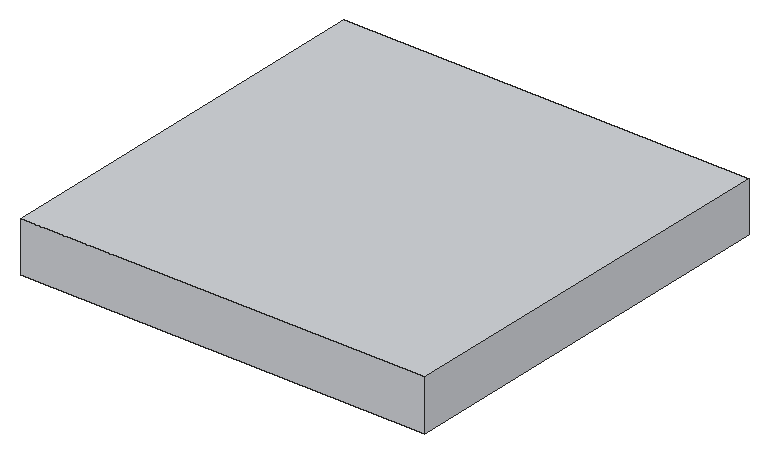
Revit family "Sanitary_Dispensers_DELABIE_512066BK-Wall-mounted-electronic-liquid postraitement", category Appareils sanitaires, Revit 2018
Family settings
  Hôte = Face
  Cote de connecteur circulaire = Utiliser le diamètre
  Type d'élément = Normal
  Couper avec des vides une fois chargée = Non
  Partagée = Non
  Point de calcul de pièce = Non
Parameters
  Default Elevation = 1219.2 mm
Reference planes
  plane 1 "Centre (avant/arrière)": y = 0
  plane 2: z = 0
  plane 3 "Centre (gauche/droite)": x = 0
Forms (mm)
  Extrusion 1, solid
    sketch origin (0, 0, 0) x (1, 0, 0) y (0, 1, 0)
      loop
        line (-1219.2, 1219.2) -> (-1219.2, -1219.2) -> (1219.2, -1219.2) -> (1219.2, 1219.2) -> (-1219.2, 1219.2)
    from 0 to -304.8
Dimensions and locks
  aligned and locked: plane 2 to Extrusion 1
  aligned and locked: level to Extrusion 1
Nested families
  nested 1: "Sanitary_Dispensers_DELABIE_512066BK-Wall-mounted-electronic-liquid" at (0, 0, 0), type "Default"
Definition of nested family "Sanitary_Dispensers_DELABIE_512066BK-Wall-mounted-electronic-liquid"
  Parameters (values of type "Default")
    Youtube clip = ""
    Uniformat II Description = ""
    Uniformat II Code = ""
    Uniclass 2015 Name = "Sanitary fittings and accessories"
    Uniclass 2015 Code = "Pr_40_20"
    Uniclass 2.0 Description = "Soap Dispensers"
    Uniclass 2.0 Code = "PR-35-76-80"
    Uniclass 1.4 Description = "Soap holders/dispensers"
    Uniclass 1.4 Code = "L8246"
    UNSPSC Code = "301815"
    Technical description = "https://www.delabie.com/products/512066bk"
    Region South America = "AR, BO, BR, CL, CO, EC, FK, GF, GY, PE, PY, SR, UY, VE"
    Region Oceania = "AU, FJ, NC, NZ, PG, SB, TL, VU"
    Region North America = "BS, BZ, CA, CR, CU, DO, GL, GT, HN, HT, JM, MX, NI, PA, PR, SV, TT, US"
    Region Middle East = "AE, AF, EG, IL, IQ, IR, JO, KW, LB, OM, PS, QA, SA, SY, TR, YE"
    Region Europe = "AL, AT, BA, BE, BG, BY, CH, CY, CZ, DE, DK, EE, ES, FI, FR, GB, GR, HR, HU, IE, IS, IT, LT, LU, LV, MD, ME, MK, NL, NO, PL, PT, RO, RS, RU, SE, SI, SJ, SK, UA"
    Region Asia = "AM, AZ, BD, BN, BT, CN, GE, ID, IN, JP, KG, KH, KP, KR, KZ, LA, LK, MM, MN, MY, NP, PH, PK, TH, TJ, TM, TW, UZ, VN"
    Region Antarctica = "TF"
    Region Africa = "AO, BF, BI, BJ, BW, CD, CF, CG, CI, CM, DJ, DZ, EH, ER, ET, GA, GH, GM, GN, GQ, GW, KE, LR, LS, LY, MA, MG, ML, MR, MW, MZ, NA, NE, NG, RW, SD, SL, SN, SO, SS, SZ, TD, TG, TN, TZ, UG, ZA, ZM, ZW"
    QR code = "http://bimobject.com/delabie/product/512066BK"
    Product url = "https://www.delabie.com/products/512066bk"
    Product name = "512066BK Wall-mounted electronic liquid soap dispenser"
    Product group = "Accessories"
    Product family = "Sanitary"
    Product data url = "https://bimobject.com/delabie/product/512066BK"
    Product certification = "https://www.delabie.com/products/512066bk"
    Product SKU = "512066BK"
    Product Guid = "3d0e1cb7-bf67-4678-ad47-6918e709f7f9"
    OmniClass Description = "Hand Soap Dispensers"
    OmniClass Code = "23-31 25 29 13"
    NBS Reference Description = "Soap Dispensers"
    NBS Reference Code = "35-76-80"
    Material secondary = ""
    Material main = "Stainless steel"
    Masterformat 2014 Description = ""
    Masterformat 2014 Code = ""
    Manufacturer name = "DELABIE"
    Manufacturer country = ""
    Installation instructions = "https://www.delabie.com/products/512066bk"
    IFC Classification = "Furnishing Element"
    GTIN code = "https://3456330188098"
    Edition number = 1
    Design country = "France"
    Date of publishing = ""
    COBIe Type Category = ""
    Brand url = "http://www.delabie.com"
    BOS_1_Visibility = yes
    BOS_1_Material = none
    BOS_0_Visibility = yes
    BOS_0_Material = none
    BIMobject main category code = "sanitary"
    BIMobject main category = "Sanitary"
    BIMobject category code = "sanitary-dispensers"
    BIMobject category = "Dispensers"
  Reference planes
    plane 1 "Center (Front/Back)": y = 0
    plane 2: z = 0
    plane 3 "Center (Left/Right)": x = 0
  Dimensions and locks
    aligned and locked: level to plane 2
  Imported bodies without a history: 1
